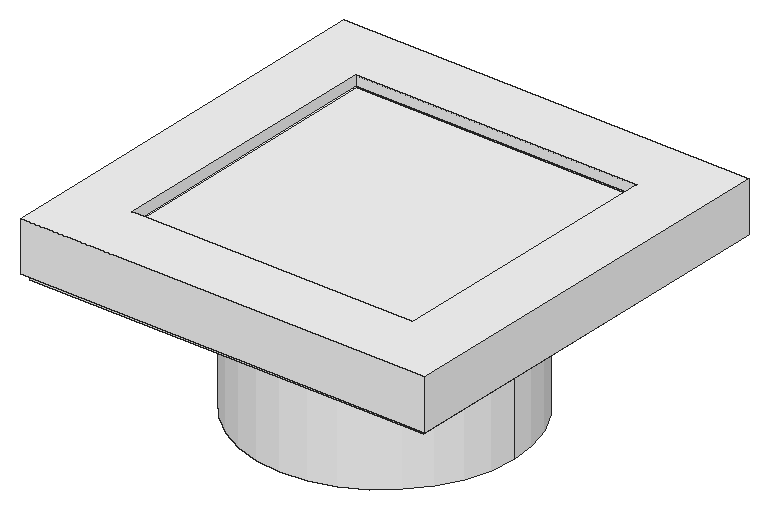
Revit family "Gira_012701", category Electrical Fixtures, host Face, Revit 2017
Family settings
  Host = Face
  Maintain Annotation Orientation = Yes
  Round Connector Dimension = Use Diameter
  Part Type = Normal
  Cut with Voids When Loaded = No
  Shared = No
  Room Calculation Point = No
Parameters (values of type "PB sw. interm.sw. System 55 cr.white")
  With mounting plate = "No"
  Wiring system = "Intermediate switch"
  White [instance] = White
  Washing machine switch = "No"
  URL = "http://katalog.gira.de/en/datenblatt.html?artikelnr=012701"
  Type of fastening = "Mounting with claw and screw"
  Surface protection = "Other"
  Surface finishing = "Glossy"
  Suitable for degree of protection (IP) = "IP20"
  Rated current = "10"
  RAL-number (akin) = "1013"
  Push button switch = "Yes"
  Number of rockers = "1"
  Number of modules (module system) = "1"
  Nominal voltage = "250"
  Name = "PB sw. interm.sw. System 55 cr.white"
  Mounting method = "Flush mounted (plaster)"
  Model = "Sys55_Komplettgerät_Schalten und Tasten"
  Method of operation = "Rocker/button"
  Material quality = "Thermoplastic"
  Material = "Plastic"
  Manufacturer URL = "https://www.gira.de/"
  Manufacturer = "Gira"
  Label space/information surface = "No"
  Illumination = "No"
  HeinzeBIM = "https://bimportal.heinze.de/bim/pb-sw-interm-sw-system-55-cr-white/590ad552eb6a808f32a0e5b25e6e54e4afb30d59"
  Halogen free = "Yes"
  HAN = "012701"
  GTIN = "4010337127017"
  Feedback-signal contact = "No"
  Description = "PB sw.interm.sw. Sys55 CW,Pushbutton switch 10 AX 250 V~ with rocker,Intermediate switch,cream white glossy,"
  Default Elevation = 1219.2 mm
  Data sheet (1) = "https://katalog.gira.de/en/download.html?artikelnr=012701"
  Connection type = "Plug clamp"
  Colour = "Cream white (electro white)"
  Category = "Switch"
  BIM (1) = "https://media.stage.bim.site/public/gira/36a6b08/Sys55_Komplettgerät_Schalten und Tasten.rfa?public/gira/36a6b08/Sys55_Komplettgerät_Schalten und Tasten.rfa"
  Available = "No"
  Assembly arrangement = "Basic element with central cover plate"
Reference planes
  plane 1 "Center (Front/Back)": y = 0
  plane 2: z = 0
  plane 3 "Center (Left/Right)": x = 0
Forms (mm)
  Extrusion 1, solid, material "White" <- "White", detail levels medium
    sketch origin (0, 0, 0) x (1, 0, 0) y (0, 1, 0)
      loop
        line (-40.4, 40.4) -> (-40.4, -40.4) -> (40.4, -40.4) -> (40.4, 40.4) -> (-40.4, 40.4)
      loop
        line (-28, 28) -> (-28, -28) -> (28, -28) -> (28, 28) -> (-28, 28)
    from 0 to 10
  Extrusion 2, solid, material "White" <- "White", detail levels fine
    sketch origin (0, 0, 0) x (1, 0, 0) y (0, 1, 0)
      loop
        line (-40.4, 40.4) -> (-40.4, -40.4) -> (40.4, -40.4) -> (40.4, 40.4) -> (-40.4, 40.4)
      loop
        line (-28, 28) -> (-28, -28) -> (28, -28) -> (28, 28) -> (-28, 28)
    from 0 to 10
  Extrusion 3, void
    sketch origin (0, 0, 0) x (1, 0, 0) y (0, 1, 0)
      loop
        line (-38.4, 38.4) -> (-38.4, -38.4) -> (38.4, -38.4) -> (38.4, 38.4) -> (-38.4, 38.4)
    from 0 to 8
  Extrusion 4, solid, material "White" <- "White", detail levels medium+fine
    sketch origin (0, 0, 0) x (1, 0, 0) y (0, 1, 0)
      loop
        line (-39.4, 39.4) -> (-39.4, -39.4) -> (39.4, -39.4) -> (39.4, 39.4) -> (-39.4, 39.4)
    from 0 to -1
  Extrusion 5, solid, material "White" <- "White", detail levels medium+fine
    sketch origin (0, 0, 0) x (1, 0, 0) y (0, 1, 0)
      loop
        line (-35.5, 35.5) -> (-35.5, -35.5) -> (35.5, -35.5) -> (35.5, 35.5) -> (-35.5, 35.5)
    from -2 to -3
  Extrusion 6, solid, material "White" <- "White", detail levels medium+fine
    sketch origin (0, 0, 0) x (1, 0, 0) y (0, 1, 0)
      loop
        circle (0, 0) r 26
    from 0 to -27.5
  Extrusion 7, solid, material "White" <- "White", detail levels coarse
    sketch origin (0, 0, 0) x (1, 0, 0) y (0, 1, 0)
      loop
        line (-40.4, 40.4) -> (-40.4, -40.4) -> (40.4, -40.4) -> (40.4, 40.4) -> (-40.4, 40.4)
    from -27.5 to 10
Cuts and joins
  Extrusion 3 cuts Extrusion 2
Dimensions and locks
  aligned and locked: plane 2 to host face
  aligned and locked: level to host face
  aligned and locked: plane 3 "Center (Left/Right)" to nested 2
  aligned and locked: plane 1 "Center (Front/Back)" to nested 2
Nested families
  nested 1: "Sys55_Abdeckung_Schalten und Tasten_floor_base" at (0, 0, 0), type "Sys55_Abdeckung_Schalten und Tasten_floor_base"
  nested 2: "Schalter" at (0, 0, 0), type "Schalter"
Connectors
  electrical at (0, 0, -27.5)
    settings: on Extrusion 6, index 1, voltage 220 V, apparent load 0 VA, apparent load phase1 0 VA, apparent load phase2 0 VA, apparent load phase3 0 VA, power factor 1, load classification "Other", number of poles 1, system type 30, power factor state 1, is connector primary yes, connector utility no, sub classification motor no, connector description ""
Definition of nested family "Sys55_Abdeckung_Schalten und Tasten_floor_base"
  Parameters
    Default Elevation = 1219.2 mm
    White [instance] = none
  Reference planes
    plane 1 "Center (Front/Back)": y = 0
    plane 2: z = 0
    plane 3 "Center (Left/Right)": x = 0
  Forms (mm)
    Extrusion 1, solid
      sketch origin (0, 0, 0) x (1, 0, 0) y (0, 1, 0)
        loop
          line (-1219.2, 1219.2) -> (-1219.2, -1219.2) -> (1219.2, -1219.2) -> (1219.2, 1219.2) -> (-1219.2, 1219.2)
      from 0 to -304.8
    Extrusion 2, solid, material <- "White", detail levels fine
      sketch origin (0, 0, 0) x (1, 0, 0) y (0, 1, 0)
        loop
          line (-27.5, 27.5) -> (-27.5, -27.5) -> (27.5, -27.5) -> (27.5, 27.5) -> (-27.5, 27.5)
      from 0 to 8
    Extrusion 3, void
      sketch origin (0, 0, 0) x (1, 0, 0) y (0, 1, 0)
        loop
          line (26, 26) -> (-26, 26) -> (-26, -26) -> (26, -26) -> (26, 26)
      from 0 to 6
    Extrusion 4, solid, material <- "White", detail levels medium
      sketch origin (0, 0, 0) x (1, 0, 0) y (0, 1, 0)
        loop
          line (-27.5, 27.5) -> (-27.5, -27.5) -> (27.5, -27.5) -> (27.5, 27.5) -> (-27.5, 27.5)
      from 0 to 8
    Extrusion 5, solid, material <- "White", detail levels medium
      sketch origin (0, 0, 0) x (1, 0, 0) y (0, 1, 0)
        loop
          line (11, -17.5) -> (11, 17.5) -> (-11, 17.5) -> (-11, -17.5) -> (11, -17.5)
      from -6 to 6
    Extrusion 6, solid, material <- "White", detail levels fine
      sketch origin (0, 0, 0) x (1, 0, 0) y (0, 1, 0)
        loop
          line (11, 17.5) -> (-11, 17.5) -> (-11, 16.5) -> (11, 16.5) -> (11, 17.5)
        loop
          line (-11, -16.5) -> (-11, -17.5) -> (11, -17.5) -> (11, -16.5) -> (-11, -16.5)
      from -4 to 6
    Extrusion 7, solid, material <- "White", detail levels fine
      sketch origin (0, 0, 0) x (1, 0, 0) y (0, 1, 0)
        loop
          arc (5, 9.347) -> (0, 10.6) -> (-5, 9.347) r 10.6
          line (-5, 9.347) -> (-5, -9.347)
          arc (-5, -9.347) -> (0, -10.6) -> (5, -9.347) r 10.6
          line (5, -9.347) -> (5, 9.347)
      from -6 to 6
    Extrusion 8, solid, material <- "White", detail levels coarse
      sketch origin (0, 0, 0) x (1, 0, 0) y (0, 1, 0)
        loop
          line (-27.5, 27.5) -> (-27.5, -27.5) -> (27.5, -27.5) -> (27.5, 27.5) -> (-27.5, 27.5)
      from -6 to 8
  Cuts and joins
    Extrusion 3 cuts Extrusion 2
  Dimensions and locks
    aligned and locked: plane 2 to Extrusion 1
    aligned and locked: level to Extrusion 1
Definition of nested family "Schalter"
  Reference planes
    plane 1: y = 0
    plane 2: x = 0
  Lines and regions (mm)
    detail lines
      curve 1: circle (1.375, 2.778, 0) r 0.8 normal (0, 0, 1)
      curve 2: line (1.021, 2.061, 0) -> (0, 0, 0)
      curve 3: line (0, 0, 0) -> (-0.538, 0.266, 0)
  Dimensions and locks
    curve 2 to curve 2 = 2.3 mm
    curve 3 to curve 2 = 0.6 mm
    radius of curve 1 = 0.8 mm
